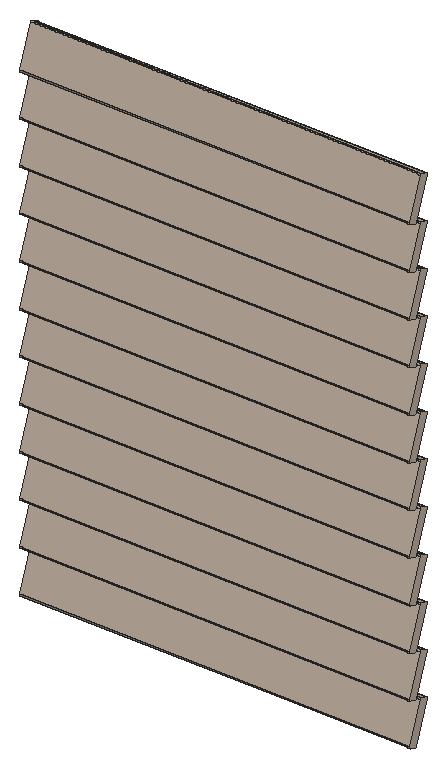
Revit family "LOUVERED_COMPOSITE_PLANK_PANEL", category Specialty Equipment, host Face, Revit 2026
Family settings
  Host = Face
  Round Connector Dimension = Use Diameter
  Part Type = Normal
  Classification Number = 23.55.00.00
  Enable Cutting in Views = No
  Cut with Voids When Loaded = No
  Maintain Annotation Orientation = No
  Shared = No
  Room Calculation Point = No
Parameters (values of type "Assembly")
  Width [instance] = if(Desired Overall Width < 48", 48", if(Desired Overall Width > 60", 60", Desired Overall Width))  # 48"
  Warranty URL = "https://palmshieldlouvers.com/wp-content/uploads/2020/01/PalmSHIELD-Warranty-NO-SIGN-LINE.pdf"
  Version = "2020 - v1.0a"  # constant formula
  URL = "https://palmshieldlouvers.com/"
  Product Page URL = "https://palmshieldlouvers.com/products/mercury-eco-semi-private/"
  Product Documentation Link = "https://palmshieldlouvers.com/wp-content/uploads/2022/01/Mercury-Economic-Semi-Private-Aluminum-Composite.pdf"
  Offset From Surface = 3 1/2"  # constant formula
  Model = "Mercury Economic"  # constant formula
  Material = Metal - PalmSHIELD - Grey Beige
  Manufacturer Phone Number = "531-329-4406 "  # constant formula
  Manufacturer Fax Number = "Consult Manufacturer Website for More Information"  # constant formula
  Manufacturer Email = "mailto: info@palmshieldlouvers.com"
  Manufacturer Address = "12330 Cary Circle, La Vista, NE 68128"  # constant formula
  Manufacturer = "PalmSHIELD"  # constant formula
  Louver Separation = 5.2185"  # constant formula
  Louver Length [instance] = Width + 2 * C Frame Overlap  # 51 5/8"
  Keynote = "05 10 00"
  Instruction Sheet Link = "https://palmshieldlouvers.com/wp-content/uploads/2021/09/PalmSHIELD-Mercury-Series-Post-Panel-Gate-Installation-Instructions-2.docx"
  ID [instance] = "Not Assigned"
  Height [instance] = if(Desired Overall Height < 36", 36", if(Desired Overall Height > 144", 144", Desired Overall Height))  # 72"
  Desired Overall Width [instance] = 48"
  Desired Overall Height [instance] = 72"
  Description = "Mercury Economic - Panel Assembly"  # constant formula
  Default Elevation = 0"
  Copyright = "Copyright ©2024 The American Fence Company and PalmSHIELD. All Rights Reserved."  # constant formula
  Component Name [instance] = "Mercury Economic - Panel Assembly - Composite"  # constant formula
  C Top Post Length [instance] = Width  # 48"
  C Top Offset = 5.9752"  # constant formula
  C Straight Corner Angle [instance] = 45.00°  # constant formula
  C Slope Angle [instance] = if(C Desired Bottom Angle < -25.00°, 25.00°, if(C Desired Bottom Angle > 25.00°, 25.00°, C Desired Bottom Angle))  # 0.00°
  C Side Frame Width [instance] = 7/8"  # constant formula
  C Side Adjustment [instance] = -C Hip * sin(C Slope Angle)  # 0"
  C Rib Thickness Bottom Offset [instance] = 0"  # constant formula
  C Rib Bottom Side Offset [instance] = if(C Slope Angle < 0.00°, -C Frame Thickness * sin(C Slope Angle), C Frame Thickness * sin(C Slope Angle))  # 0"
  C Louver Overlap = 1/2"  # constant formula
  C Louver Offset [instance] = 1/8"  # constant formula
  C Louver Count [instance] = roundup((Height - C Top Offset - C Bottom Offset) / Louver Separation)  # 12
  C Hip [instance] = Width / cos(C Slope Angle)  # 48"
  C Frame Width = 4"  # constant formula
  C Frame Thickness = 1/8"  # constant formula
  C Frame Overlap = 1 13/16"  # constant formula
  C Frame Offset [instance] = C Side Frame Width - 1/2"  # 3/8"
  C Desired Bottom Angle [instance] = 0.00°  # constant formula
  C Bottom Offset = 3 231/256"  # constant formula
  C B-Side Post Length [instance] = Height + C Side Adjustment  # 72"
  C B-Side Angle [instance] = (90.00° - C Slope Angle) / 2  # 45.00°
  C Angle [instance] = if(C Slope Angle < -25.00°, 90.00° - 25.00°, if(C Slope Angle > 25.00°, 90.00° + 25.00°, 90.00° - C Slope Angle))  # 90.00°
  C A-Side Post Length [instance] = Height  # 72"
  C A-Side Angle [instance] = (90.00° + C Slope Angle) / 2  # 45.00°
  Assembly Code = "F1020100"
Reference planes (in)
  plane 1: y = 0
  plane 2: z = 0
  plane 3 "Side A": x = 0
  plane 4 "Top": z = 72
  plane 5 "Side B": x = 48
  plane 6: y = 4
  plane 7: z = 72
  plane 8: x = 0
  plane 9: x = -1.8125
  plane 10 "Center (Front/Back)": y = 2
  plane 11: x = 24
  plane 12: z = 3.90236
  plane 13: z = 66.0248
  plane 14: y = 1.52929
Lines and regions (in)
  reference lines
    curve 1: line (0, 0, 4.0484) -> (84, 0, 4.0484)
    curve 2: line (15.625, 0, 4.0484) -> (26.375, 0, 4.0484)
    curve 3: line (31.625, 0, 4.0484) -> (41.625, 0, 4.0484)
    curve 4: line (-25.10096, 0, 72) -> (91.1024, 0, 72)
    curve 5: line (48, 0, 4.0484) -> (53.25, 0, 4.0484)
    curve 6: line (48, 0, 91.91427) -> (48, 0, -22.08573)
Dimensions and locks (in)
  "Width": plane 5 "Side B" to plane 3 "Side A"
  plane 3 "Side A" to plane 5 "Side B" = 48"
  plane 4 "Top" to plane 7 = 0"
  "C Rib Bottom Side Offset": plane 3 "Side A" to plane 8
  equal spacing: plane 1, plane 10 "Center (Front/Back)", plane 6
  equal spacing: plane 3 "Side A", plane 11, plane 5 "Side B"
  "C Frame Overlap": plane 3 "Side A" to plane 9
  "C Bottom Offset": plane 12 to plane 2
  "Desired Overall Height": curve 4 to plane 2
  "C Top Offset": plane 7 to plane 13
  equal spacing: group 1, group 3, group 4, group 5, group 6, group 7, group 8, group 9, group 10, group 11, group 12, group 2  (x2)
  equal spacing: group 2, group 12, group 11, group 10, group 9, group 8, group 7, group 6, group 5, group 4, group 3, group 1
  "Height": plane 4 "Top" to plane 2
  "Desired Overall Width": curve 6 to plane 3 "Side A"
  "C Frame Width": plane 6 to plane 1
  locked: plane 10 "Center (Front/Back)" to plane 14 at 0.47071
  "C Angle": angle curve 1 to plane 3 "Side A"
  locked: curve 5 to plane 5 "Side B" (angle 90.00°)
  aligned and locked: plane 2 to host face
  aligned and locked: level to host face
  aligned and locked: plane 3 "Side A" to curve 1
  aligned and locked: plane 12 to nested 2
  aligned and locked: plane 13 to nested 1
  aligned and locked: nested 2 to plane 14
  aligned and locked: nested 1 to plane 14
Automatic sketch dimensions
  host sketch curve to host sketch curve = 96"  (x2)
  curve 5 to plane 5 "Side B" = 0"
  curve 4 to plane 9 = 23.28846"
  curve 2 to plane 12 = 0.14604"
  curve 2 to plane 11 = 8 3/8"
  plane 11 to curve 2 = 2 3/8"
  curve 3 to plane 12 = 0.14604"
  curve 2 to curve 3 = 5 1/4"
  curve 3 to curve 5 = 6 3/8"
  plane 5 "Side B" to curve 4 = 43.1024"
  curve 5 to plane 12 = 0.14604"
  curve 6 to level = 22.08573"
  plane 4 "Top" to curve 6 = 19.91427"
Nested families (in)
  nested 1: "Nested-Louvers-Palmshield-Mercury_Economic_Composite" at (-1.8125, 1.52929, 66.0248) x (0, 1, 0) z (1, 0, 0), Length <- "Louver Length", ID <- "ID", Material <- "Material", type "1" X 5 1/2" INFILL SLATS"
    with Material Metal - PalmSHIELD - Grey Beige, Length 51 5/8", ID "Not Assigned", Component Name "Mercury Economic - Composite - Louvers"
  nested 2: "Nested-Louvers-Palmshield-Mercury_Economic_Composite" at (-1.8125, 1.52929, 3.90236) x (0, 1, 0) z (1, 0, 0), Length <- "Louver Length", ID <- "ID", Material <- "Material", type "1" X 5 1/2" INFILL SLATS"
    with Material Metal - PalmSHIELD - Grey Beige, Length 51 5/8", ID "Not Assigned", Component Name "Mercury Economic - Composite - Louvers"
  nested 3: "Nested-Louvers-Palmshield-Mercury_Economic_Composite" at (-1.8125, 1.52929, 60.37731) x (0, 1, 0) z (1, 0, 0), Length <- "Louver Length", ID <- "ID", Material <- "Material", type "1" X 5 1/2" INFILL SLATS"
    with Material Metal - PalmSHIELD - Grey Beige, Length 51 5/8", ID "Not Assigned", Component Name "Mercury Economic - Composite - Louvers"
  nested 4: "Nested-Louvers-Palmshield-Mercury_Economic_Composite" at (-1.8125, 1.52929, 54.72981) x (0, 1, 0) z (1, 0, 0), Length <- "Louver Length", ID <- "ID", Material <- "Material", type "1" X 5 1/2" INFILL SLATS"
    with Material Metal - PalmSHIELD - Grey Beige, Length 51 5/8", ID "Not Assigned", Component Name "Mercury Economic - Composite - Louvers"
  nested 5: "Nested-Louvers-Palmshield-Mercury_Economic_Composite" at (-1.8125, 1.52929, 49.08232) x (0, 1, 0) z (1, 0, 0), Length <- "Louver Length", ID <- "ID", Material <- "Material", type "1" X 5 1/2" INFILL SLATS"
    with Material Metal - PalmSHIELD - Grey Beige, Length 51 5/8", ID "Not Assigned", Component Name "Mercury Economic - Composite - Louvers"
  nested 6: "Nested-Louvers-Palmshield-Mercury_Economic_Composite" at (-1.8125, 1.52929, 43.43482) x (0, 1, 0) z (1, 0, 0), Length <- "Louver Length", ID <- "ID", Material <- "Material", type "1" X 5 1/2" INFILL SLATS"
    with Material Metal - PalmSHIELD - Grey Beige, Length 51 5/8", ID "Not Assigned", Component Name "Mercury Economic - Composite - Louvers"
  nested 7: "Nested-Louvers-Palmshield-Mercury_Economic_Composite" at (-1.8125, 1.52929, 37.78733) x (0, 1, 0) z (1, 0, 0), Length <- "Louver Length", ID <- "ID", Material <- "Material", type "1" X 5 1/2" INFILL SLATS"
    with Material Metal - PalmSHIELD - Grey Beige, Length 51 5/8", ID "Not Assigned", Component Name "Mercury Economic - Composite - Louvers"
  nested 8: "Nested-Louvers-Palmshield-Mercury_Economic_Composite" at (-1.8125, 1.52929, 32.13984) x (0, 1, 0) z (1, 0, 0), Length <- "Louver Length", ID <- "ID", Material <- "Material", type "1" X 5 1/2" INFILL SLATS"
    with Material Metal - PalmSHIELD - Grey Beige, Length 51 5/8", ID "Not Assigned", Component Name "Mercury Economic - Composite - Louvers"
  nested 9: "Nested-Louvers-Palmshield-Mercury_Economic_Composite" at (-1.8125, 1.52929, 26.49234) x (0, 1, 0) z (1, 0, 0), Length <- "Louver Length", ID <- "ID", Material <- "Material", type "1" X 5 1/2" INFILL SLATS"
    with Material Metal - PalmSHIELD - Grey Beige, Length 51 5/8", ID "Not Assigned", Component Name "Mercury Economic - Composite - Louvers"
  nested 10: "Nested-Louvers-Palmshield-Mercury_Economic_Composite" at (-1.8125, 1.52929, 20.84485) x (0, 1, 0) z (1, 0, 0), Length <- "Louver Length", ID <- "ID", Material <- "Material", type "1" X 5 1/2" INFILL SLATS"
    with Material Metal - PalmSHIELD - Grey Beige, Length 51 5/8", ID "Not Assigned", Component Name "Mercury Economic - Composite - Louvers"
  nested 11: "Nested-Louvers-Palmshield-Mercury_Economic_Composite" at (-1.8125, 1.52929, 15.19735) x (0, 1, 0) z (1, 0, 0), Length <- "Louver Length", ID <- "ID", Material <- "Material", type "1" X 5 1/2" INFILL SLATS"
    with Material Metal - PalmSHIELD - Grey Beige, Length 51 5/8", ID "Not Assigned", Component Name "Mercury Economic - Composite - Louvers"
  nested 12: "Nested-Louvers-Palmshield-Mercury_Economic_Composite" at (-1.8125, 1.52929, 9.54986) x (0, 1, 0) z (1, 0, 0), Length <- "Louver Length", ID <- "ID", Material <- "Material", type "1" X 5 1/2" INFILL SLATS"
    with Material Metal - PalmSHIELD - Grey Beige, Length 51 5/8", ID "Not Assigned", Component Name "Mercury Economic - Composite - Louvers"
Definition of nested family "Nested-Louvers-Palmshield-Mercury_Economic_Composite"
  Parameters (values of type "1" X 5 1/2" INFILL SLATS")
    Width = 5 1/2"  # constant formula
    Warranty URL = "https://palmshieldlouvers.com/wp-content/uploads/2020/01/PalmSHIELD-Warranty-NO-SIGN-LINE.pdf"
    Version = "2020 - v1.0a"  # constant formula
    URL = "https://palmshieldlouvers.com/"
    Thickness = 1"  # constant formula
    Product Page URL = "Contact Manufacturer for More Information"
    Product Documentation Link = "Contact Manufacturer for More Information"
    Model = "Mercury Economic"  # constant formula
    Material [instance] = none
    Manufacturer Phone Number = "531-329-4406 "  # constant formula
    Manufacturer Fax Number = "Consult Manufacturer Website for More Information"  # constant formula
    Manufacturer Email = "mailto: info@palmshieldlouvers.com"
    Manufacturer Address = "12330 Cary Circle, La Vista, NE 68128"  # constant formula
    Manufacturer = "PalmSHIELD"  # constant formula
    Length [instance] = 52.86713"
    Keynote = "05 10 00"
    Instruction Sheet Link = "Contact Manufacturer for More Information"
    ID [instance] = ""
    Description = "Mercury Economic - Louvers"  # constant formula
    Default Elevation = 48"
    Copyright = "Copyright ©2024 The American Fence Company and PalmSHIELD. All Rights Reserved."  # constant formula
    Component Name [instance] = "Mercury Economic - Composite - Louvers"  # constant formula
    C Hole Offset = 1 1/2"  # constant formula
    Assembly Code = "F1020100"
  Reference planes (in)
    plane 1 "Center (Front/Back)": y = 0
    plane 2: z = 0
    plane 3 "Center (Left/Right)": x = 0
    plane 4: z = 52.86713
  Forms (in)
    Extrusion 1, solid
      sketch origin (0, 0, 0) x (1, 0, 0) y (0, 1, 0)
        loop
          line (-48, 48) -> (-48, -48) -> (48, -48) -> (48, 48) -> (-48, 48)
      from 0 to -12
    Sweep 2, solid, material <- "Material"
      path origin (0, 0, 0) x (0, 1, 0) y (0, 0, 1)
        loop
          line (0, 0) -> (0, 52.86713)
      profile "Profile-Palmshield-Louver : 6063 T6 ALUM 5"" origin (0, 0, 26.43357) x (0, -1, 0) y (1, 0, 0)
        loop
          line (-5.39287, 0.89867) -> (-0.45948, -0.89694)
          arc (-0.45948, -0.89694) -> (-0.3639, -0.89277) -> (-0.29927, -0.82223) r 0.125
          line (-0.29927, -0.82223) -> (-0.04275, -0.11746)
          arc (-0.04275, -0.11746) -> (-0.04693, -0.02188) -> (-0.11746, 0.04275) r 0.125
          line (-0.11746, 0.04275) -> (-5.05085, 1.83836)
          arc (-5.05085, 1.83836) -> (-5.14643, 1.83419) -> (-5.21106, 1.76365) r 0.125
          line (-5.21106, 1.76365) -> (-5.46758, 1.05888)
          arc (-5.46758, 1.05888) -> (-5.4634, 0.9633) -> (-5.39287, 0.89867) r 0.125
  Dimensions and locks (in)
    "Length": plane 4 to plane 2
    aligned and locked: plane 2 to Extrusion 1
    aligned and locked: level to Extrusion 1
    aligned and locked: plane 1 "Center (Front/Back)" to Sweep 2 sketch curve
    aligned and locked: plane 4 to Sweep 2 sketch curve
  Automatic sketch dimensions
    Extrusion 1 sketch curve to Extrusion 1 sketch curve = 96"  (x2)
    Sweep 2 sketch curve to level = 0"
